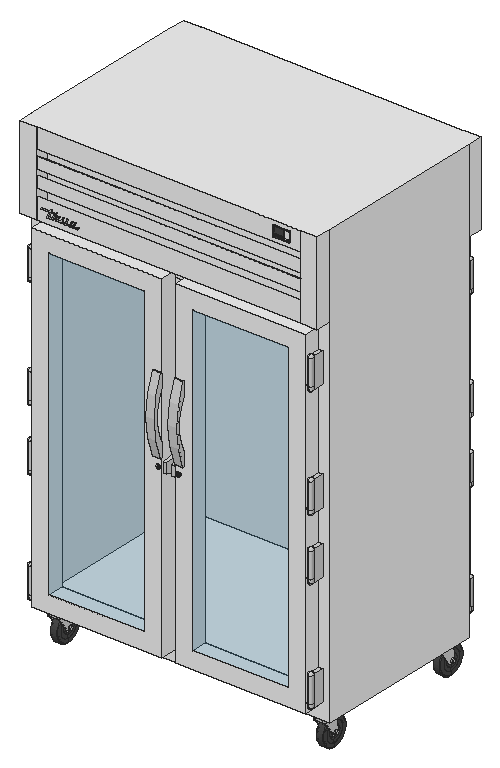
Revit family
Parameters
  Weight in Pounds = 0
  Watts = 3000 W
  Volts = 208 V
  URL Cutsheet = "www.truemfg.com"
  URL = "www.truemfg.com"
  Type Mark [instance] = ""
  Type Comments = ""
  Status [instance] = ""
  Specification by User [instance] = ""
  Specification by Manufacturer = ""
  Show Seismic Flanged [instance] = no
  Show Logo [instance] = yes
  Show Legs [instance] = no
  Show Clearance [instance] = yes
  Serial Number = ""
  Seismic Rating = ""
  Seismic Plate [instance] = and(Show Seismic Flanged, not(Show Casters))  # no
  SMACNA No = ""
  Revision Code [instance] = ""
  Phase = 1
  Omniclass Number and Title = ""
  Number of Poles [instance] = 1
  NAFEM Spec ID Number = ""
  Model = "STR2HPT-2G-2S"
  Min Ckt Ampacity = 0 A
  Max Overcurrent Protection = 0 A
  Masterspec = ""
  Manufacturer = "TRUE FOOD SERVICE EQUIPMENT, INC."
  Length = 52 5/8"
  Legs [instance] = or(Show Legs, Show Seismic Flanged)  # no
  Item Number [instance] = ""
  Installed By [instance] = ""
  Identify Quantity as Lot [instance] = yes
  Height = 77 3/4"
  HP = ""
  Furnished By [instance] = ""
  Foodservice Equipment Identifier [instance] = yes
  FL Amps = Watts / Volts  # 14.4231 A
  Electrical Remarks [instance] = ""
  Electric Connection Type [instance] = ""
  Elec Conn RI Height [instance] = 0"
  Elec Conn Connection Height [instance] = 0"
  Description = "Pass-thru Glass Front/Solid Rear Swing Doors Heated Cabinet"
  Depth = 36 1/8"
  Cycle = 60 Hz
  Conn Plug = "6-15P"
  Conn Conduit = yes
  Show Casters [instance] = and(not(if(Show Legs, Show Legs, Show Legs)), not(if(Show Legs, Show Legs, Show Seismic Flanged)))  # yes
  CSI MasterFormat = ""
  CSI Master Format = ""
  Assembly Code = ""
  Apparent Power = if(Phase = 3, Volts * FL Amps * 1.73, Volts * FL Amps)  # 3000 VA
Reference planes (in)
  plane 1 "BACK": y = 0
  plane 2: z = 0
  plane 3 "LEFT": x = 0
  plane 4 "RIGHT": x = 52.625
  plane 5 "FRONT": y = -36.125
  plane 6 "TOP": z = 84.125
  plane 7: z = 6.125
  plane 8: x = 26.3125
  plane 9: x = 3
  plane 10: x = 49.9375
  plane 11: y = -36.0792
  plane 12: x = 26.3125
  plane 13: y = -0.0458
  plane 14: y = -18.0625
Forms (in)
  Extrusion 1, solid, material "QF_Finishes_Chrome - Satin"
    sketch origin (0.05, 0, 0) x (1, 0, 0) y (0, 1, 0)
      loop
        line (-0.05, -2.75) -> (-0.05, -33.375) -> (2.35625, -33.375) -> (2.35625, -2.75) -> (-0.05, -2.75)
    from 6.125 to 84.125
  Extrusion 2, solid, material "QF_Finishes_Chrome - Satin"
    sketch origin (50.15, 0, 0) x (1, 0, 0) y (0, 1, 0)
      loop
        line (0.225, -2.75) -> (0.225, -33.375) -> (2.475, -33.375) -> (2.475, -2.75) -> (0.225, -2.75)
    from 6.125 to 84.125
  Extrusion 3, solid, material "QF_Finishes_Chrome - Satin"
    sketch origin (0, 0, 0) x (0, 1, 0) y (0, 0, 1)
      loop
        line (-36.0792, 69.5) -> (-33.375, 69.5) -> (-33.375, 66.96875) -> (-2.75, 66.96875) -> (-2.75, 69.5) -> (-0.0458, 69.5) -> (-0.0458, 73.19226) -> (-2.25, 71.625) -> (-2.25, 72.90057) -> (-0.0458, 74.46784) -> (-0.0458, 76.56404) -> (-2.25, 74.99678) -> (-2.25, 75.95754) -> (-0.0458, 77.5248) -> (-0.0458, 79.65851) -> (-2.25, 78.09125) -> (-2.25, 79.21352) -> (-0.0458, 80.78078) -> (-0.0458, 84.125) -> (-36.0792, 84.125) -> (-36.0792, 80.78078) -> (-33.875, 79.21352) -> (-33.875, 78.09125) -> (-36.0792, 79.65851) -> (-36.0792, 77.5248) -> (-33.875, 75.95754) -> (-33.875, 74.99678) -> (-36.0792, 76.56404) -> (-36.0792, 74.46784) -> (-33.875, 72.90057) -> (-33.875, 71.625) -> (-36.0792, 73.19226) -> (-36.0792, 69.5)
      loop
        line (-33.375, 6.125) -> (-2.75, 6.125) -> (-2.75, 9.03125) -> (-33.375, 9.03125) -> (-33.375, 6.125)
    from 2.25 to 50.375
  Extrusion 4, solid, material "QF_Finishes_Chrome - Satin"
    sketch origin (0, 0, 0) x (1, 0, 0) y (0, 1, 0)
      loop
        line (52.54687, -33.375) -> (49.66032, -33.375) -> (49.66032, -36.125) -> (52.54687, -36.125) -> (52.54687, -33.375)
      loop
        line (52.54687, -2.75) -> (52.54687, 0) -> (49.66032, 0) -> (49.66032, -2.75) -> (52.54687, -2.75)
    from 69.5 to 84.125
  Extrusion 5, solid, material "QF_Finishes_Chrome - Satin"
    sketch origin (-50.125, 0, 0.25) x (1, 0, 0) y (0, 1, 0)
      loop
        line (53.20984, -33.375) -> (50.20312, -33.375) -> (50.20312, -36.125) -> (53.20984, -36.125) -> (53.20984, -33.375)
      loop
        line (53.20984, -2.75) -> (53.20984, 0) -> (50.20312, 0) -> (50.20312, -2.75) -> (53.20984, -2.75)
    from 69.25 to 83.875
  Extrusion 6, solid, material "QF_Finishes_Chrome - Satin"
    sketch origin (0, -2.375, -0.71875) x (1, 0, 0) y (0, 0, 1)
      loop
        line (2.25, 68.6875) -> (2.25, 8.75) -> (25.1875, 8.75) -> (25.1875, 68.6875) -> (2.25, 68.6875)
      loop
        line (50.53125, 68.6875) -> (27.59375, 68.6875) -> (27.59375, 8.75) -> (50.53125, 8.75) -> (50.53125, 68.6875)
      loop
        line (30.59375, 65.6875) -> (30.59375, 11.75) -> (47.53125, 11.75) -> (47.53125, 65.6875) -> (30.59375, 65.6875)
      loop
        line (5.25, 65.6875) -> (5.25, 11.75) -> (22.1875, 11.75) -> (22.1875, 65.6875) -> (5.25, 65.6875)
    from 31 to 33.75
  Extrusion 7, solid, material "QF_Finishes_Handrails and Railings"
    sketch origin (1.8125, -2.375, -2) x (1, 0, 0) y (0, 0, 1)
      loop
        circle (22.76563, 40.0625) r 0.35
      loop
        line (22.73047, 40.33635) -> (22.73047, 39.76895) -> (22.78597, 39.76895) -> (22.78597, 40.33635) -> (22.73047, 40.33635)
      loop
        circle (26.3125, 40.0625) r 0.35
      loop
        line (26.34765, 40.33635) -> (26.29215, 40.33635) -> (26.29215, 39.76895) -> (26.34765, 39.76895) -> (26.34765, 40.33635)
    from 33.5 to 33.83066
  Extrusion 8, solid, material "QF_Finishes_Handrails and Railings", visible <- "Show Logo"
    sketch origin (0.33478, -1.29327, -6.73143) x (1, 0, 0) y (0, 0, 1)
      loop
        line (3.61669, 78.46231) -> (3.51103, 78.23573) -> (4.91652, 78.23573)
        arc (4.91652, 78.23573) -> (4.94504, 78.18528) -> (4.91652, 78.13484) r 0.05887
        line (4.91652, 78.13484) -> (4.54994, 77.34872)
        arc (4.54994, 77.34872) -> (4.54676, 77.27591) -> (4.596, 77.22217) r 0.09523
        line (4.596, 77.22217) -> (5.49469, 77.22217)
        arc (5.49469, 77.22217) -> (5.60817, 77.25795) -> (5.68061, 77.35235) r 0.19785
        line (5.68061, 77.35235) -> (5.9691, 77.97101) -> (6.23415, 77.97101)
        arc (6.23415, 77.97101) -> (6.30369, 77.94543) -> (6.29362, 77.87203) r 0.05911
        line (6.29362, 77.87203) -> (6.05223, 77.35437)
        arc (6.05223, 77.35437) -> (6.05599, 77.2684) -> (6.12856, 77.22217) r 0.09318
        line (6.12856, 77.22217) -> (6.91823, 77.22217)
        arc (6.91823, 77.22217) -> (6.97874, 77.24419) -> (7.01093, 77.29995) r 0.09412
        arc (7.01093, 77.29995) -> (7.03371, 77.24495) -> (7.08871, 77.22217) r 0.07778
        line (7.08871, 77.22217) -> (7.58871, 77.22217)
        arc (7.58871, 77.22217) -> (7.64647, 77.23765) -> (7.68876, 77.27993) r 0.11552
        arc (7.68876, 77.27993) -> (7.709, 77.23106) -> (7.75787, 77.21081) r 0.06912
        line (7.75787, 77.21081) -> (8.4685, 77.21081)
        arc (8.4685, 77.21081) -> (8.52659, 77.23488) -> (8.55066, 77.29297) r 0.08216
        arc (8.55066, 77.29297) -> (8.60392, 77.23972) -> (8.67667, 77.22022) r 0.14551
        line (8.67667, 77.22022) -> (10.00783, 77.22022) -> (10.15571, 77.47634) -> (8.81303, 77.47634)
        arc (8.81303, 77.47634) -> (8.77597, 77.50204) -> (8.77459, 77.54711) r 0.05009
        line (8.77459, 77.54711) -> (8.79782, 77.59692)
        arc (8.79782, 77.59692) -> (8.83348, 77.64364) -> (8.88952, 77.66135) r 0.09747
        line (8.88952, 77.66135) -> (9.3211, 77.66135)
        arc (9.3211, 77.66135) -> (9.41425, 77.68631) -> (9.48244, 77.7545) r 0.1863
        line (9.48244, 77.7545) -> (9.60744, 77.97101)
        arc (9.60744, 77.97101) -> (9.60744, 78.08657) -> (9.50736, 78.14434) r 0.11556
        line (9.50736, 78.14434) -> (9.05187, 78.14434)
        arc (9.05187, 78.14434) -> (8.93575, 78.12462) -> (8.85474, 78.03912) r 0.18605
        line (8.85474, 78.03912) -> (8.63829, 77.57493)
        arc (8.63829, 77.57493) -> (8.5744, 77.49167) -> (8.47431, 77.46011) r 0.1745
        line (8.47431, 77.46011) -> (8.00184, 77.46011)
        arc (8.00184, 77.46011) -> (7.94528, 77.52184) -> (7.94893, 77.60548) r 0.10939
        line (7.94893, 77.60548) -> (8.2002, 78.14434) -> (8.04028, 78.14434) -> (7.77406, 77.57344)
        arc (7.77406, 77.57344) -> (7.72234, 77.50603) -> (7.6413, 77.48048) r 0.14128
        line (7.6413, 77.48048) -> (7.3155, 77.48048)
        arc (7.3155, 77.48048) -> (7.26044, 77.55223) -> (7.27225, 77.64189) r 0.11816
        line (7.27225, 77.64189) -> (7.50655, 78.14434) -> (7.34139, 78.14434) -> (7.07171, 77.566)
        arc (7.07171, 77.566) -> (7.0091, 77.50339) -> (6.92358, 77.48048) r 0.17104
        line (6.92358, 77.48048) -> (6.4518, 77.48048)
        arc (6.4518, 77.48048) -> (6.36707, 77.51999) -> (6.35892, 77.61313) r 0.0935
        line (6.35892, 77.61313) -> (6.51399, 77.94569) -> (6.7332, 77.94569)
        arc (6.7332, 77.94569) -> (6.7702, 78.05717) -> (6.84892, 78.14434) r 0.2857
        line (6.84892, 78.14434) -> (5.9923, 78.14434)
        arc (5.9923, 78.14434) -> (5.89711, 78.12324) -> (5.83123, 78.05135) r 0.16212
        line (5.83123, 78.05135) -> (5.59904, 77.55341)
        arc (5.59904, 77.55341) -> (5.54565, 77.50002) -> (5.47272, 77.48048) r 0.14586
        line (5.47272, 77.48048) -> (4.96131, 77.48048)
        arc (4.96131, 77.48048) -> (4.92139, 77.53442) -> (4.92899, 77.60109) r 0.09155
        line (4.92899, 77.60109) -> (5.26643, 78.23573) -> (6.1178, 78.23573) -> (6.22346, 78.46231) -> (5.37209, 78.46231) -> (5.47774, 78.68888) -> (5.17487, 78.68888) -> (5.06922, 78.46231) -> (3.61669, 78.46231)
      loop
        arc (8.9943, 77.93863) -> (8.95744, 77.92875) -> (8.93045, 77.90176) r 0.07373
        line (8.93045, 77.90176) -> (8.90854, 77.83436)
        arc (8.90854, 77.83436) -> (8.9187, 77.80983) -> (8.94324, 77.79966) r 0.0347
        line (8.94324, 77.79966) -> (9.31573, 77.79966)
        arc (9.31573, 77.79966) -> (9.34257, 77.80561) -> (9.36437, 77.82234) r 0.0635
        line (9.36437, 77.82234) -> (9.38249, 77.90622)
        arc (9.38249, 77.90622) -> (9.37716, 77.92868) -> (9.35634, 77.93863) r 0.02676
        line (9.35634, 77.93863) -> (8.9943, 77.93863)
    from 34.76797 to 34.83173
  Extrusion 9, solid
    sketch origin (0, 0, 0) x (1, 0, 0) y (0, 0, 1)
      loop
        circle (49.53125, 82) r 0.25
    from 0 to 0.0625
  Extrusion 10, solid, material "QF_Finishes_Handrails and Railings"
    sketch origin (36.06481, -0.25, 93.43167) x (0, 1, 0) y (0, 0, -1)
      loop
        line (-35.875, 53.875) -> (-36.075, 53.875)
        arc (-36.075, 53.875) -> (-37.51905, 47.075) -> (-36.075, 40.275) r 16.7325
        line (-36.075, 40.275) -> (-35.875, 40.275) -> (-35.875, 42.675)
        arc (-35.875, 42.675) -> (-37.03316, 47.075) -> (-35.875, 51.475) r 8.93715
        line (-35.875, 51.475) -> (-35.875, 53.875)
    from 10.87731 to 12.37731
  Blend 11, solid, material "QF_Finishes_Handrails and Railings"
    base sketch origin (-0.14063, -2.375, 0) x (1, 0, 0) y (0, 0, 1)
      loop
        line (25.32813, 38.99169) -> (25.32813, 37.24169) -> (26.07813, 37.24169) -> (26.07813, 38.99169) -> (25.32813, 38.99169)
    top sketch origin (-0.14063, 0, 0) x (1, 0, 0) y (0, 0, 1)
      loop
        line (26.26036, 36.6441) -> (26.26036, 39.42643) -> (25.32813, 39.42643) -> (25.32813, 36.6441) -> (26.26036, 36.6441)
    from 33.57883 to 33.375
  Blend 12, solid, material "QF_Finishes_Handrails and Railings"
    base sketch origin (52.84375, -2.375, 0) x (-1, 0, 0) y (0, 0, -1)
      loop
        line (25.25, -38.99169) -> (26, -38.99169) -> (26, -37.24169) -> (25.25, -37.24169) -> (25.25, -38.99169)
    top sketch origin (52.84375, 0, 0) x (-1, 0, 0) y (0, 0, -1)
      loop
        line (26.18223, -36.6441) -> (25.25, -36.6441) -> (25.25, -39.42643) -> (26.18223, -39.42643) -> (26.18223, -36.6441)
    from 33.57883 to 33.375
  Extrusion 13, solid, material "QF_Finishes_Handrails and Railings"
    sketch origin (1.09375, 0, 0) x (0, 1, 0) y (0, 0, 1)
      loop
        line (-33.375, 64.55229) -> (-34.98544, 64.55229)
        arc (-34.98544, 64.55229) -> (-35.13006, 64.49238) -> (-35.18997, 64.34776) r 0.20453
        line (-35.18997, 64.34776) -> (-35.18997, 59.94848) -> (-35.625, 59.94848) -> (-35.625, 59.23627) -> (-33.375, 59.23627) -> (-33.375, 64.55229)
    from 0.17506 to 1
  Revolve 14, solid, material "QF_Finishes_Handrails and Railings"
    sketch origin (1.59375, 0, 0) x (0, 1, 0) y (0, 0, 1)
      loop
        line (-35.64063, 60.00189) -> (-35.64063, 64.81483)
        arc (-35.64063, 64.81483) -> (-35.91222, 64.72557) -> (-36.04729, 64.4736) r 0.3848
        line (-36.04729, 64.4736) -> (-36.04729, 60.00189) -> (-35.64063, 60.00189)
      loop
        line (-35.64063, 59.94848) -> (-36.04729, 59.94848) -> (-36.04729, 59.37712)
        arc (-36.04729, 59.37712) -> (-35.90764, 59.13383) -> (-35.64063, 59.04781) r 0.38884
        line (-35.64063, 59.04781) -> (-35.64063, 59.94848)
      axis (-35.64063, 59.04781) -> (-35.64063, 64.81483)
    angle from 0 to 360
  Extrusion 15, solid, material "QF_Finishes_Handrails and Railings"
    sketch origin (-0.21875, -2.375, 0) x (1, 0, 0) y (0, 0, 1)
      loop
        line (2.07116, 64.4736) -> (2.07116, 60.00079) -> (2.46875, 60.00079) -> (2.46875, 64.4736) -> (2.07116, 64.4736)
    from 32.81497 to 33.59495
  Extrusion 16, solid, material "QF_Finishes_Handrails and Railings"
    sketch origin (1.09375, 0, -19.5) x (0, 1, 0) y (0, 0, 1)
      loop
        line (-33.375, 64.55229) -> (-34.98544, 64.55229)
        arc (-34.98544, 64.55229) -> (-35.13006, 64.49238) -> (-35.18997, 64.34776) r 0.20453
        line (-35.18997, 64.34776) -> (-35.18997, 59.94848) -> (-35.625, 59.94848) -> (-35.625, 59.23627) -> (-33.375, 59.23627) -> (-33.375, 64.55229)
    from 0.17506 to 1
  Revolve 17, solid, material "QF_Finishes_Handrails and Railings"
    sketch origin (1.59375, 0, -19.5) x (0, 1, 0) y (0, 0, 1)
      loop
        line (-35.64063, 60.00189) -> (-35.64063, 64.81483)
        arc (-35.64063, 64.81483) -> (-35.91222, 64.72557) -> (-36.04729, 64.4736) r 0.3848
        line (-36.04729, 64.4736) -> (-36.04729, 60.00189) -> (-35.64063, 60.00189)
      loop
        line (-35.64063, 59.94848) -> (-36.04729, 59.94848) -> (-36.04729, 59.37712)
        arc (-36.04729, 59.37712) -> (-35.90764, 59.13383) -> (-35.64063, 59.04781) r 0.38884
        line (-35.64063, 59.04781) -> (-35.64063, 59.94848)
      axis (-35.64063, 59.04781) -> (-35.64063, 64.81483)
    angle from 0 to 360
  Extrusion 18, solid, material "QF_Finishes_Handrails and Railings"
    sketch origin (-0.21875, -2.375, -19.5) x (1, 0, 0) y (0, 0, 1)
      loop
        line (2.07116, 64.4736) -> (2.07116, 60.00079) -> (2.46875, 60.00079) -> (2.46875, 64.4736) -> (2.07116, 64.4736)
    from 32.81497 to 33.59495
  Extrusion 19, solid, material "QF_Finishes_Handrails and Railings"
    sketch origin (1.09375, 0, -30.5) x (0, 1, 0) y (0, 0, 1)
      loop
        line (-33.375, 64.55229) -> (-34.98544, 64.55229)
        arc (-34.98544, 64.55229) -> (-35.13006, 64.49238) -> (-35.18997, 64.34776) r 0.20453
        line (-35.18997, 64.34776) -> (-35.18997, 59.94848) -> (-35.625, 59.94848) -> (-35.625, 59.23627) -> (-33.375, 59.23627) -> (-33.375, 64.55229)
    from 0.17506 to 1
  Revolve 20, solid, material "QF_Finishes_Handrails and Railings"
    sketch origin (1.59375, 0, -30.5) x (0, 1, 0) y (0, 0, 1)
      loop
        line (-35.64063, 60.00189) -> (-35.64063, 64.81483)
        arc (-35.64063, 64.81483) -> (-35.91222, 64.72557) -> (-36.04729, 64.4736) r 0.3848
        line (-36.04729, 64.4736) -> (-36.04729, 60.00189) -> (-35.64063, 60.00189)
      loop
        line (-35.64063, 59.94848) -> (-36.04729, 59.94848) -> (-36.04729, 59.37712)
        arc (-36.04729, 59.37712) -> (-35.90764, 59.13383) -> (-35.64063, 59.04781) r 0.38884
        line (-35.64063, 59.04781) -> (-35.64063, 59.94848)
      axis (-35.64063, 59.04781) -> (-35.64063, 64.81483)
    angle from 0 to 360
  Extrusion 21, solid, material "QF_Finishes_Handrails and Railings"
    sketch origin (-0.21875, -2.375, -30.5) x (1, 0, 0) y (0, 0, 1)
      loop
        line (2.07116, 64.4736) -> (2.07116, 60.00079) -> (2.46875, 60.00079) -> (2.46875, 64.4736) -> (2.07116, 64.4736)
    from 32.81497 to 33.59495
  Extrusion 22, solid, material "QF_Finishes_Handrails and Railings"
    sketch origin (1.09375, 0, -50.25) x (0, 1, 0) y (0, 0, 1)
      loop
        line (-33.375, 64.55229) -> (-34.98544, 64.55229)
        arc (-34.98544, 64.55229) -> (-35.13006, 64.49238) -> (-35.18997, 64.34776) r 0.20453
        line (-35.18997, 64.34776) -> (-35.18997, 59.94848) -> (-35.625, 59.94848) -> (-35.625, 59.23627) -> (-33.375, 59.23627) -> (-33.375, 64.55229)
    from 0.17506 to 1
  Revolve 23, solid, material "QF_Finishes_Handrails and Railings"
    sketch origin (1.59375, 0, -50.25) x (0, 1, 0) y (0, 0, 1)
      loop
        line (-35.64063, 60.00189) -> (-35.64063, 64.81483)
        arc (-35.64063, 64.81483) -> (-35.91222, 64.72557) -> (-36.04729, 64.4736) r 0.3848
        line (-36.04729, 64.4736) -> (-36.04729, 60.00189) -> (-35.64063, 60.00189)
      loop
        line (-35.64063, 59.94848) -> (-36.04729, 59.94848) -> (-36.04729, 59.37712)
        arc (-36.04729, 59.37712) -> (-35.90764, 59.13383) -> (-35.64063, 59.04781) r 0.38884
        line (-35.64063, 59.04781) -> (-35.64063, 59.94848)
      axis (-35.64063, 59.04781) -> (-35.64063, 64.81483)
    angle from 0 to 360
  Extrusion 24, solid, material "QF_Finishes_Handrails and Railings"
    sketch origin (-0.21875, -2.375, -50.25) x (1, 0, 0) y (0, 0, 1)
      loop
        line (2.07116, 64.4736) -> (2.07116, 60.00079) -> (2.46875, 60.00079) -> (2.46875, 64.4736) -> (2.07116, 64.4736)
    from 32.81497 to 33.59495
  Extrusion 25, solid, material "QF_Finishes_Handrails and Railings"
    sketch origin (51.53125, 0, 0) x (0, 1, 0) y (0, 0, -1)
      loop
        line (-33.375, -64.55229) -> (-33.375, -59.23627) -> (-35.625, -59.23627) -> (-35.625, -59.94848) -> (-35.18997, -59.94848) -> (-35.18997, -64.34776)
        arc (-35.18997, -64.34776) -> (-35.13006, -64.49238) -> (-34.98544, -64.55229) r 0.20453
        line (-34.98544, -64.55229) -> (-33.375, -64.55229)
    from 0.17506 to 1
  Revolve 26, solid, material "QF_Finishes_Handrails and Railings"
    sketch origin (51.03125, 0, 0) x (0, 1, 0) y (0, 0, -1)
      loop
        line (-35.64063, -60.00189) -> (-36.04729, -60.00189) -> (-36.04729, -64.4736)
        arc (-36.04729, -64.4736) -> (-35.91222, -64.72557) -> (-35.64063, -64.81483) r 0.3848
        line (-35.64063, -64.81483) -> (-35.64063, -60.00189)
      loop
        line (-35.64063, -59.94848) -> (-35.64063, -59.04781)
        arc (-35.64063, -59.04781) -> (-35.90764, -59.13383) -> (-36.04729, -59.37712) r 0.38884
        line (-36.04729, -59.37712) -> (-36.04729, -59.94848) -> (-35.64063, -59.94848)
      axis (-35.64063, -59.04781) -> (-35.64063, -64.81483)
    angle from 0 to 360
  Extrusion 27, solid, material "QF_Finishes_Handrails and Railings"
    sketch origin (52.84375, -2.375, 0) x (-1, 0, 0) y (0, 0, -1)
      loop
        line (1.75866, -64.4736) -> (2.15625, -64.4736) -> (2.15625, -60.00079) -> (1.75866, -60.00079) -> (1.75866, -64.4736)
    from 32.81497 to 33.59495
  Extrusion 28, solid, material "QF_Finishes_Handrails and Railings"
    sketch origin (51.53125, 0, -19.5) x (0, 1, 0) y (0, 0, -1)
      loop
        line (-33.375, -64.55229) -> (-33.375, -59.23627) -> (-35.625, -59.23627) -> (-35.625, -59.94848) -> (-35.18997, -59.94848) -> (-35.18997, -64.34776)
        arc (-35.18997, -64.34776) -> (-35.13006, -64.49238) -> (-34.98544, -64.55229) r 0.20453
        line (-34.98544, -64.55229) -> (-33.375, -64.55229)
    from 0.17506 to 1
  Revolve 29, solid, material "QF_Finishes_Handrails and Railings"
    sketch origin (51.03125, 0, -19.5) x (0, 1, 0) y (0, 0, -1)
      loop
        line (-35.64063, -60.00189) -> (-36.04729, -60.00189) -> (-36.04729, -64.4736)
        arc (-36.04729, -64.4736) -> (-35.91222, -64.72557) -> (-35.64063, -64.81483) r 0.3848
        line (-35.64063, -64.81483) -> (-35.64063, -60.00189)
      loop
        line (-35.64063, -59.94848) -> (-35.64063, -59.04781)
        arc (-35.64063, -59.04781) -> (-35.90764, -59.13383) -> (-36.04729, -59.37712) r 0.38884
        line (-36.04729, -59.37712) -> (-36.04729, -59.94848) -> (-35.64063, -59.94848)
      axis (-35.64063, -59.04781) -> (-35.64063, -64.81483)
    angle from 0 to 360
  Extrusion 30, solid, material "QF_Finishes_Handrails and Railings"
    sketch origin (52.84375, -2.375, -19.5) x (-1, 0, 0) y (0, 0, -1)
      loop
        line (1.75866, -64.4736) -> (2.15625, -64.4736) -> (2.15625, -60.00079) -> (1.75866, -60.00079) -> (1.75866, -64.4736)
    from 32.81497 to 33.59495
  Extrusion 31, solid, material "QF_Finishes_Handrails and Railings"
    sketch origin (51.53125, 0, -30.5) x (0, 1, 0) y (0, 0, -1)
      loop
        line (-33.375, -64.55229) -> (-33.375, -59.23627) -> (-35.625, -59.23627) -> (-35.625, -59.94848) -> (-35.18997, -59.94848) -> (-35.18997, -64.34776)
        arc (-35.18997, -64.34776) -> (-35.13006, -64.49238) -> (-34.98544, -64.55229) r 0.20453
        line (-34.98544, -64.55229) -> (-33.375, -64.55229)
    from 0.17506 to 1
  Revolve 32, solid, material "QF_Finishes_Handrails and Railings"
    sketch origin (51.03125, 0, -30.5) x (0, 1, 0) y (0, 0, -1)
      loop
        line (-35.64063, -60.00189) -> (-36.04729, -60.00189) -> (-36.04729, -64.4736)
        arc (-36.04729, -64.4736) -> (-35.91222, -64.72557) -> (-35.64063, -64.81483) r 0.3848
        line (-35.64063, -64.81483) -> (-35.64063, -60.00189)
      loop
        line (-35.64063, -59.94848) -> (-35.64063, -59.04781)
        arc (-35.64063, -59.04781) -> (-35.90764, -59.13383) -> (-36.04729, -59.37712) r 0.38884
        line (-36.04729, -59.37712) -> (-36.04729, -59.94848) -> (-35.64063, -59.94848)
      axis (-35.64063, -59.04781) -> (-35.64063, -64.81483)
    angle from 0 to 360
  Extrusion 33, solid, material "QF_Finishes_Handrails and Railings"
    sketch origin (52.84375, -2.375, -30.5) x (-1, 0, 0) y (0, 0, -1)
      loop
        line (1.75866, -64.4736) -> (2.15625, -64.4736) -> (2.15625, -60.00079) -> (1.75866, -60.00079) -> (1.75866, -64.4736)
    from 32.81497 to 33.59495
  Extrusion 34, solid, material "QF_Finishes_Handrails and Railings"
    sketch origin (51.53125, 0, -50.25) x (0, 1, 0) y (0, 0, -1)
      loop
        line (-33.375, -64.55229) -> (-33.375, -59.23627) -> (-35.625, -59.23627) -> (-35.625, -59.94848) -> (-35.18997, -59.94848) -> (-35.18997, -64.34776)
        arc (-35.18997, -64.34776) -> (-35.13006, -64.49238) -> (-34.98544, -64.55229) r 0.20453
        line (-34.98544, -64.55229) -> (-33.375, -64.55229)
    from 0.17506 to 1
  Revolve 35, solid, material "QF_Finishes_Handrails and Railings"
    sketch origin (51.03125, 0, -50.25) x (0, 1, 0) y (0, 0, -1)
      loop
        line (-35.64063, -60.00189) -> (-36.04729, -60.00189) -> (-36.04729, -64.4736)
        arc (-36.04729, -64.4736) -> (-35.91222, -64.72557) -> (-35.64063, -64.81483) r 0.3848
        line (-35.64063, -64.81483) -> (-35.64063, -60.00189)
      loop
        line (-35.64063, -59.94848) -> (-35.64063, -59.04781)
        arc (-35.64063, -59.04781) -> (-35.90764, -59.13383) -> (-36.04729, -59.37712) r 0.38884
        line (-36.04729, -59.37712) -> (-36.04729, -59.94848) -> (-35.64063, -59.94848)
      axis (-35.64063, -59.04781) -> (-35.64063, -64.81483)
    angle from 0 to 360
  Extrusion 36, solid, material "QF_Finishes_Handrails and Railings"
    sketch origin (52.84375, -2.375, -50.25) x (-1, 0, 0) y (0, 0, -1)
      loop
        line (1.75866, -64.4736) -> (2.15625, -64.4736) -> (2.15625, -60.00079) -> (1.75866, -60.00079) -> (1.75866, -64.4736)
    from 32.81497 to 33.59495
  Revolve 37, solid, material "QF_Finishes_Black", visible <- "Show Casters"
    sketch origin (47.78125, -29.75, 0) x (1, 0, 0) y (0, 0, 1)
      loop
        line (1.63125, 5) -> (1.53125, 4.9) -> (1.53125, 4.29941) -> (1.69226, 4.29941) -> (1.69226, 3.54941) -> (1.53125, 3.54941) -> (1.53125, 2.79941) -> (1.13125, 2.79941) -> (1.13125, 2.5) -> (3.18125, 2.5) -> (3.18125, 2.79941) -> (2.78533, 2.79941) -> (2.78533, 3.54941) -> (2.62024, 3.54941) -> (2.62024, 4.29941) -> (2.78533, 4.29941) -> (2.78533, 4.89592) -> (2.68125, 5) -> (1.63125, 5)
      axis (3.18125, 2.5) -> (1.13125, 2.5)
    angle from 0 to 360
  Extrusion 38, solid, material "QF_Finishes_Handrails and Railings", visible <- "Show Casters"
    sketch origin (47.78125, 0, 0) x (0, 1, 0) y (0, 0, 1)
      loop
        line (-32.32636, 5.48574) -> (-32.32636, 4.88089) -> (-32.07636, 4.88089) -> (-30.32716, 2.18736)
        arc (-30.32716, 2.18736) -> (-29.61383, 1.94868) -> (-29.22081, 2.59003) r 0.60416
        line (-29.22081, 2.59003) -> (-29.57636, 5.48574) -> (-32.32636, 5.48574)
      loop
        line (-6.6077, 5.48574) -> (-6.6077, 4.88089) -> (-6.3577, 4.88089) -> (-4.6085, 2.18736)
        arc (-4.6085, 2.18736) -> (-3.89517, 1.94868) -> (-3.50215, 2.59003) r 0.60416
        line (-3.50215, 2.59003) -> (-3.8577, 5.48574) -> (-6.6077, 5.48574)
    from 1.175 to 1.325
  Extrusion 39, solid, material "QF_Finishes_Handrails and Railings", visible <- "Show Casters"
    sketch origin (49.28125, 0, 0) x (0, 1, 0) y (0, 0, 1)
      loop
        line (-32.32636, 5.48574) -> (-32.32636, 4.88089) -> (-32.07636, 4.88089) -> (-30.32716, 2.18736)
        arc (-30.32716, 2.18736) -> (-29.61383, 1.94868) -> (-29.22081, 2.59003) r 0.60416
        line (-29.22081, 2.59003) -> (-29.57636, 5.48574) -> (-32.32636, 5.48574)
      loop
        line (-6.6077, 5.48574) -> (-6.6077, 4.88089) -> (-6.3577, 4.88089) -> (-4.6085, 2.18736)
        arc (-4.6085, 2.18736) -> (-3.89517, 1.94868) -> (-3.50215, 2.59003) r 0.60416
        line (-3.50215, 2.59003) -> (-3.8577, 5.48574) -> (-6.6077, 5.48574)
    from 1.175 to 1.325
  Revolve 40, solid, material "QF_Finishes_Chrome - Satin", visible <- "Show Casters"
    sketch origin (47.78125, -30.9375, -0.5) x (1, 0, 0) y (0, 0, 1)
      loop
        line (2.15625, 5.99546) -> (2.15625, 6.62359) -> (0.85918, 6.62359) -> (0.85918, 5.99546) -> (2.15625, 5.99546)
      axis (2.15625, 5.99546) -> (2.15625, 6.62359)
    angle from 0 to 360
  Revolve 41, solid, material "QF_Finishes_Chrome - Satin", visible <- "Legs"
    sketch origin (47.78125, -5.44102, 0) x (1, 0, 0) y (0, 0, 1)
      loop
        line (2.15625, 6.125) -> (0.82287, 6.125) -> (1.40625, 1) -> (1.65625, 1) -> (1.65625, 0) -> (2.15625, 0) -> (2.15625, 6.125)
      axis (2.15625, 0) -> (2.15625, 6.125)
    angle from 0 to 360
  Revolve 42, solid, material "QF_Finishes_Chrome - Satin", visible <- "Legs"
    sketch origin (47.78125, -31.03477, 0) x (1, 0, 0) y (0, 0, 1)
      loop
        line (2.15625, 6.125) -> (0.82287, 6.125) -> (1.40625, 1) -> (1.65625, 1) -> (1.65625, 0) -> (2.15625, 0) -> (2.15625, 6.125)
      axis (2.15625, 0) -> (2.15625, 6.125)
    angle from 0 to 360
  Revolve 43, solid, material "QF_Finishes_Chrome - Satin", visible <- "Show Casters"
    sketch origin (47.78125, -5.45321, -0.5) x (1, 0, 0) y (0, 0, 1)
      loop
        line (2.15625, 5.99546) -> (2.15625, 6.62359) -> (0.85918, 6.62359) -> (0.85918, 5.99546) -> (2.15625, 5.99546)
      axis (2.15625, 5.99546) -> (2.15625, 6.62359)
    angle from 0 to 360
  Extrusion 44, solid, material "QF_Finishes_Handrails and Railings", visible <- "Show Casters"
    sketch origin (0, 0, 0) x (0, 1, 0) y (0, 0, 1)
      loop
        line (-32.32636, 5.48574) -> (-32.32636, 4.88089) -> (-32.07636, 4.88089) -> (-29.54033, 5.19227) -> (-29.57636, 5.48574) -> (-32.32636, 5.48574)
      loop
        line (-6.6077, 5.48574) -> (-6.6077, 4.88089) -> (-6.3577, 4.88089) -> (-3.82167, 5.19227) -> (-3.8577, 5.48574) -> (-6.6077, 5.48574)
    from 49.10625 to 50.45625
  Revolve 45, solid, material "QF_Finishes_Black", visible <- "Show Casters"
    sketch origin (47.78125, -3.96875, 0) x (1, 0, 0) y (0, 0, 1)
      loop
        line (1.63125, 5) -> (1.53125, 4.9) -> (1.53125, 4.29941) -> (1.69226, 4.29941) -> (1.69226, 3.54941) -> (1.53125, 3.54941) -> (1.53125, 2.79941) -> (1.13125, 2.79941) -> (1.13125, 2.5) -> (3.18125, 2.5) -> (3.18125, 2.79941) -> (2.78533, 2.79941) -> (2.78533, 3.54941) -> (2.62024, 3.54941) -> (2.62024, 4.29941) -> (2.78533, 4.29941) -> (2.78533, 4.89592) -> (2.68125, 5) -> (1.63125, 5)
      axis (3.18125, 2.5) -> (1.13125, 2.5)
    angle from 0 to 360
  Revolve 46, solid, material "QF_Finishes_Black", visible <- "Show Casters"
    sketch origin (0.84375, -29.75, 0) x (1, 0, 0) y (0, 0, 1)
      loop
        line (1.63125, 5) -> (1.53125, 4.9) -> (1.53125, 4.29941) -> (1.69226, 4.29941) -> (1.69226, 3.54941) -> (1.53125, 3.54941) -> (1.53125, 2.79941) -> (0.975, 2.79941) -> (0.975, 2.5) -> (3.18125, 2.5) -> (3.18125, 2.79941) -> (2.78533, 2.79941) -> (2.78533, 3.54941) -> (2.62024, 3.54941) -> (2.62024, 4.29941) -> (2.78533, 4.29941) -> (2.78533, 4.89592) -> (2.68125, 5) -> (1.63125, 5)
      axis (3.18125, 2.5) -> (0.975, 2.5)
    angle from 0 to 360
  Extrusion 47, solid, material "QF_Finishes_Handrails and Railings", visible <- "Show Casters"
    sketch origin (0.84375, 0, 0) x (0, 1, 0) y (0, 0, 1)
      loop
        line (-32.32636, 5.48574) -> (-32.32636, 4.88089) -> (-32.07636, 4.88089) -> (-30.32716, 2.18736)
        arc (-30.32716, 2.18736) -> (-29.61383, 1.94868) -> (-29.22081, 2.59003) r 0.60416
        line (-29.22081, 2.59003) -> (-29.57636, 5.48574) -> (-32.32636, 5.48574)
      loop
        line (-6.6077, 5.48574) -> (-6.6077, 4.88089) -> (-6.3577, 4.88089) -> (-4.6085, 2.18736)
        arc (-4.6085, 2.18736) -> (-3.89517, 1.94868) -> (-3.50215, 2.59003) r 0.60416
        line (-3.50215, 2.59003) -> (-3.8577, 5.48574) -> (-6.6077, 5.48574)
    from 1.175 to 1.325
  Extrusion 48, solid, material "QF_Finishes_Handrails and Railings", visible <- "Show Casters"
    sketch origin (2.34375, 0, 0) x (0, 1, 0) y (0, 0, 1)
      loop
        line (-32.32636, 5.48574) -> (-32.32636, 4.88089) -> (-32.07636, 4.88089) -> (-30.32716, 2.18736)
        arc (-30.32716, 2.18736) -> (-29.61383, 1.94868) -> (-29.22081, 2.59003) r 0.60416
        line (-29.22081, 2.59003) -> (-29.57636, 5.48574) -> (-32.32636, 5.48574)
      loop
        line (-6.6077, 5.48574) -> (-6.6077, 4.88089) -> (-6.3577, 4.88089) -> (-4.6085, 2.18736)
        arc (-4.6085, 2.18736) -> (-3.89517, 1.94868) -> (-3.50215, 2.59003) r 0.60416
        line (-3.50215, 2.59003) -> (-3.8577, 5.48574) -> (-6.6077, 5.48574)
    from 1.175 to 1.325
  Revolve 49, solid, material "QF_Finishes_Chrome - Satin", visible <- "Show Casters"
    sketch origin (0.84375, -30.9375, -0.5) x (1, 0, 0) y (0, 0, 1)
      loop
        line (2.15625, 5.99546) -> (2.15625, 6.62359) -> (0.85918, 6.62359) -> (0.85918, 5.99546) -> (2.15625, 5.99546)
      axis (2.15625, 5.99546) -> (2.15625, 6.62359)
    angle from 0 to 360
  Revolve 50, solid, material "QF_Finishes_Chrome - Satin", visible <- "Legs"
    sketch origin (0.84375, -5.44102, 0) x (1, 0, 0) y (0, 0, 1)
      loop
        line (2.15625, 6.125) -> (0.82287, 6.125) -> (1.40625, 1) -> (1.65625, 1) -> (1.65625, 0) -> (2.15625, 0) -> (2.15625, 6.125)
      axis (2.15625, 0) -> (2.15625, 6.125)
    angle from 0 to 360
  Revolve 51, solid, material "QF_Finishes_Chrome - Satin", visible <- "Legs"
    sketch origin (0.84375, -31.03477, 0) x (1, 0, 0) y (0, 0, 1)
      loop
        line (2.15625, 6.125) -> (0.82287, 6.125) -> (1.40625, 1) -> (1.65625, 1) -> (1.65625, 0) -> (2.15625, 0) -> (2.15625, 6.125)
      axis (2.15625, 0) -> (2.15625, 6.125)
    angle from 0 to 360
  Revolve 52, solid, material "QF_Finishes_Chrome - Satin", visible <- "Show Casters"
    sketch origin (0.84375, -5.45321, -0.5) x (1, 0, 0) y (0, 0, 1)
      loop
        line (2.15625, 5.99546) -> (2.15625, 6.62359) -> (0.85918, 6.62359) -> (0.85918, 5.99546) -> (2.15625, 5.99546)
      axis (2.15625, 5.99546) -> (2.15625, 6.62359)
    angle from 0 to 360
  Extrusion 53, solid, material "QF_Finishes_Handrails and Railings", visible <- "Show Casters"
    sketch origin (-46.9375, 0, 0) x (0, 1, 0) y (0, 0, 1)
      loop
        line (-32.32636, 5.48574) -> (-32.32636, 4.88089) -> (-32.07636, 4.88089) -> (-29.54033, 5.19227) -> (-29.57636, 5.48574) -> (-32.32636, 5.48574)
      loop
        line (-6.6077, 5.48574) -> (-6.6077, 4.88089) -> (-6.3577, 4.88089) -> (-3.82167, 5.19227) -> (-3.8577, 5.48574) -> (-6.6077, 5.48574)
    from 49.10625 to 50.45625
  Revolve 54, solid, material "QF_Finishes_Black", visible <- "Show Casters"
    sketch origin (0.84375, -3.96875, 0) x (1, 0, 0) y (0, 0, 1)
      loop
        line (1.63125, 5) -> (1.53125, 4.9) -> (1.53125, 4.29941) -> (1.69226, 4.29941) -> (1.69226, 3.54941) -> (1.53125, 3.54941) -> (1.53125, 2.79941) -> (0.975, 2.79941) -> (0.975, 2.5) -> (3.18125, 2.5) -> (3.18125, 2.79941) -> (2.78533, 2.79941) -> (2.78533, 3.54941) -> (2.62024, 3.54941) -> (2.62024, 4.29941) -> (2.78533, 4.29941) -> (2.78533, 4.89592) -> (2.68125, 5) -> (1.63125, 5)
      axis (3.18125, 2.5) -> (0.975, 2.5)
    angle from 0 to 360
  Extrusion 55, solid, material "QF_Finishes_White"
    sketch origin (1.49925, -1.31123, 1.58022) x (1, 0, 0) y (0, 0, 1)
      loop
        line (43.31732, 81.73227) -> (43.31732, 79.98496) -> (46.22357, 79.98496) -> (46.22357, 81.73227) -> (43.31732, 81.73227)
    from 34.75 to 34.76797
  Extrusion 56, solid, material "QF_Finishes_Black"
    sketch origin (1.49925, -1.31123, 1.58022) x (1, 0, 0) y (0, 0, 1)
      loop
        line (46.28607, 81.79477) -> (43.25482, 81.79477) -> (43.25482, 79.92246) -> (46.28607, 79.92246) -> (46.28607, 81.79477)
      loop
        spline (43.45482, 80.25372) -> (43.46333, 80.23754) -> (43.48831, 80.22247) -> (43.52804, 80.20952) -> (43.57982, 80.19959) -> (43.64011, 80.19335) -> (43.70482, 80.19122) -> (43.76952, 80.19335) -> (43.82982, 80.19959) -> (43.88159, 80.20952) -> (43.92132, 80.22247) -> (43.9463, 80.23754) -> (43.95482, 80.25372)
        spline (43.95482, 80.25372) -> (43.9463, 80.26989) -> (43.92132, 80.28497) -> (43.88159, 80.29791) -> (43.82982, 80.30784) -> (43.76952, 80.31409) -> (43.70482, 80.31622) -> (43.64011, 80.31409) -> (43.57982, 80.30784) -> (43.52804, 80.29791) -> (43.48831, 80.28497) -> (43.46333, 80.26989) -> (43.45482, 80.25372)
      loop
        spline (44.15083, 80.25372) -> (44.15935, 80.23754) -> (44.18432, 80.22247) -> (44.22405, 80.20952) -> (44.27583, 80.19959) -> (44.33612, 80.19335) -> (44.40083, 80.19122) -> (44.46553, 80.19335) -> (44.52583, 80.19959) -> (44.57761, 80.20952) -> (44.61734, 80.22247) -> (44.64231, 80.23754) -> (44.65083, 80.25372)
        spline (44.65083, 80.25372) -> (44.64231, 80.26989) -> (44.61734, 80.28497) -> (44.57761, 80.29791) -> (44.52583, 80.30784) -> (44.46553, 80.31409) -> (44.40083, 80.31622) -> (44.33612, 80.31409) -> (44.27583, 80.30784) -> (44.22405, 80.29791) -> (44.18432, 80.28497) -> (44.15935, 80.26989) -> (44.15083, 80.25372)
      loop
        spline (44.90083, 80.25372) -> (44.90935, 80.23754) -> (44.93432, 80.22247) -> (44.97405, 80.20952) -> (45.02583, 80.19959) -> (45.08612, 80.19335) -> (45.15083, 80.19122) -> (45.21553, 80.19335) -> (45.27583, 80.19959) -> (45.32761, 80.20952) -> (45.36734, 80.22247) -> (45.39231, 80.23754) -> (45.40083, 80.25372)
        spline (45.40083, 80.25372) -> (45.39231, 80.26989) -> (45.36734, 80.28497) -> (45.32761, 80.29791) -> (45.27583, 80.30784) -> (45.21553, 80.31409) -> (45.15083, 80.31622) -> (45.08612, 80.31409) -> (45.02583, 80.30784) -> (44.97405, 80.29791) -> (44.93432, 80.28497) -> (44.90935, 80.26989) -> (44.90083, 80.25372)
      loop
        line (43.45481, 81.59478) -> (43.45481, 80.59478) -> (45.15433, 80.59478) -> (45.15433, 81.59478) -> (43.45481, 81.59478)
      loop
        line (46.22357, 81.73227) -> (43.31732, 81.73227) -> (43.31732, 79.98496) -> (46.22357, 79.98496) -> (46.22357, 81.73227)
      loop
        spline (45.65083, 80.25372) -> (45.65935, 80.23754) -> (45.68432, 80.22247) -> (45.72405, 80.20952) -> (45.77583, 80.19959) -> (45.83612, 80.19335) -> (45.90083, 80.19122) -> (45.96553, 80.19335) -> (46.02583, 80.19959) -> (46.07761, 80.20952) -> (46.11734, 80.22247) -> (46.14231, 80.23754) -> (46.15083, 80.25372)
        spline (46.15083, 80.25372) -> (46.14231, 80.26989) -> (46.11734, 80.28497) -> (46.07761, 80.29791) -> (46.02583, 80.30784) -> (45.96553, 80.31409) -> (45.90083, 80.31622) -> (45.83612, 80.31409) -> (45.77583, 80.30784) -> (45.72405, 80.29791) -> (45.68432, 80.28497) -> (45.65935, 80.26989) -> (45.65083, 80.25372)
    from 34.76797 to 34.80335
  Extrusion 57, solid, material "QF_Finishes_Door Clearance", visible <- "Show Clearance", detail levels coarse
    sketch origin (0.66534, -3.6098, 0) x (-1, 0, 0) y (0, -1, 0)
      loop
        arc (-26.92841, 32.5152) -> (-33.64665, 48.73446) -> (-49.86591, 55.4527) r 22.9375
        line (-49.86591, 55.4527) -> (-49.86591, 32.5152) -> (-26.92841, 32.5152)
      loop
        line (-1.58466, 32.5152) -> (-1.58466, 55.4527)
        arc (-1.58466, 55.4527) -> (-17.80392, 48.73446) -> (-24.52216, 32.5152) r 22.9375
        line (-24.52216, 32.5152) -> (-1.58466, 32.5152)
    from 8.0288 to 67.96875
  Extrusion 58, solid, material "QF_Finishes_Chrome - Satin", visible <- "Seismic Plate"
    sketch origin (-0.22541, -26.96562, 0) x (1, 0, 0) y (0, 1, 0)
      loop
        circle (3.22541, -4.06916) r 1.5
    from 0 to 0.25
  Extrusion 59, solid, material "QF_Finishes_Chrome - Satin", visible <- "Seismic Plate"
    sketch origin (-0.22541, -3.74687, 0) x (1, 0, 0) y (0, 1, 0)
      loop
        circle (3.22541, -1.69416) r 1.5
    from 0 to 0.25
  Extrusion 60, solid, material "QF_Finishes_Chrome - Satin", visible <- "Seismic Plate"
    sketch origin (46.71209, -3.74687, 0) x (1, 0, 0) y (0, 1, 0)
      loop
        circle (3.22541, -1.69416) r 1.5
    from 0 to 0.25
  Extrusion 61, solid, material "QF_Finishes_Chrome - Satin", visible <- "Seismic Plate"
    sketch origin (46.71209, -26.96562, 0) x (1, 0, 0) y (0, 1, 0)
      loop
        circle (3.22541, -4.06916) r 1.5
    from 0 to 0.25
  Extrusion 62, solid, material "Glass"
    sketch origin (0, -2.375, -0.71875) x (1, 0, 0) y (0, 0, 1)
      loop
        line (5.25, 65.6875) -> (5.25, 11.75) -> (22.1875, 11.75) -> (22.1875, 65.6875) -> (5.25, 65.6875)
      loop
        line (30.59375, 65.6875) -> (30.59375, 11.75) -> (47.53125, 11.75) -> (47.53125, 65.6875) -> (30.59375, 65.6875)
    from 31 to 33.75
  Extrusion 63, solid, material "QF_Finishes_Handrails and Railings"
    sketch origin (39.96744, -0.25, 93.43167) x (0, 1, 0) y (0, 0, -1)
      loop
        line (-35.875, 53.875) -> (-36.075, 53.875)
        arc (-36.075, 53.875) -> (-37.51905, 47.075) -> (-36.075, 40.275) r 16.7325
        line (-36.075, 40.275) -> (-35.875, 40.275) -> (-35.875, 42.675)
        arc (-35.875, 42.675) -> (-37.03316, 47.075) -> (-35.875, 51.475) r 8.93715
        line (-35.875, 51.475) -> (-35.875, 53.875)
    from 10.87731 to 12.37731
  Extrusion 64, solid, material "QF_Finishes_Chrome - Satin"
    sketch origin (0, -33.75, -0.71875) x (1, 0, 0) y (0, 0, -1)
      loop
        line (2.25, -68.6875) -> (25.1875, -68.6875) -> (25.1875, -8.75) -> (2.25, -8.75) -> (2.25, -68.6875)
      loop
        line (50.53125, -68.6875) -> (50.53125, -8.75) -> (27.59375, -8.75) -> (27.59375, -68.6875) -> (50.53125, -68.6875)
    from 31 to 33.75
  Extrusion 65, solid, material "QF_Finishes_Handrails and Railings"
    sketch origin (1.8125, -33.75, -2) x (1, 0, 0) y (0, 0, -1)
      loop
        circle (22.76563, -40.0625) r 0.35
      loop
        line (22.73047, -40.33635) -> (22.78597, -40.33635) -> (22.78597, -39.76895) -> (22.73047, -39.76895) -> (22.73047, -40.33635)
      loop
        circle (26.3125, -40.0625) r 0.35
      loop
        line (26.34765, -40.33635) -> (26.34765, -39.76895) -> (26.29215, -39.76895) -> (26.29215, -40.33635) -> (26.34765, -40.33635)
    from 33.5 to 33.83066
  Blend 66, solid, material "QF_Finishes_Handrails and Railings"
    base sketch origin (-0.14063, -33.75, 0) x (1, 0, 0) y (0, 0, -1)
      loop
        line (25.32813, -38.99169) -> (26.07813, -38.99169) -> (26.07813, -37.24169) -> (25.32813, -37.24169) -> (25.32813, -38.99169)
    top sketch origin (-0.14063, -36.125, 0) x (1, 0, 0) y (0, 0, -1)
      loop
        line (26.26036, -36.6441) -> (25.32813, -36.6441) -> (25.32813, -39.42643) -> (26.26036, -39.42643) -> (26.26036, -36.6441)
    from 33.57883 to 33.375
  Blend 67, solid, material "QF_Finishes_Handrails and Railings"
    base sketch origin (52.84375, -33.75, 0) x (-1, 0, 0) y (0, 0, 1)
      loop
        line (25.25, 38.99169) -> (25.25, 37.24169) -> (26, 37.24169) -> (26, 38.99169) -> (25.25, 38.99169)
    top sketch origin (52.84375, -36.125, 0) x (-1, 0, 0) y (0, 0, 1)
      loop
        line (26.18223, 36.6441) -> (26.18223, 39.42643) -> (25.25, 39.42643) -> (25.25, 36.6441) -> (26.18223, 36.6441)
    from 33.57883 to 33.375
  Extrusion 68, solid, material "QF_Finishes_Handrails and Railings"
    sketch origin (1.09375, -36.125, 0) x (0, -1, 0) y (0, 0, -1)
      loop
        line (-33.375, -64.55229) -> (-33.375, -59.23627) -> (-35.625, -59.23627) -> (-35.625, -59.94848) -> (-35.18997, -59.94848) -> (-35.18997, -64.34776)
        arc (-35.18997, -64.34776) -> (-35.13006, -64.49238) -> (-34.98544, -64.55229) r 0.20453
        line (-34.98544, -64.55229) -> (-33.375, -64.55229)
    from 0.17506 to 1
  Revolve 69, solid, material "QF_Finishes_Handrails and Railings"
    sketch origin (1.59375, -36.125, 0) x (0, -1, 0) y (0, 0, -1)
      loop
        line (-35.64063, -60.00189) -> (-36.04729, -60.00189) -> (-36.04729, -64.4736)
        arc (-36.04729, -64.4736) -> (-35.91222, -64.72557) -> (-35.64063, -64.81483) r 0.3848
        line (-35.64063, -64.81483) -> (-35.64063, -60.00189)
      loop
        line (-35.64063, -59.94848) -> (-35.64063, -59.04781)
        arc (-35.64063, -59.04781) -> (-35.90764, -59.13383) -> (-36.04729, -59.37712) r 0.38884
        line (-36.04729, -59.37712) -> (-36.04729, -59.94848) -> (-35.64063, -59.94848)
      axis (-35.64063, -59.04781) -> (-35.64063, -64.81483)
    angle from 0 to 360
  Extrusion 70, solid, material "QF_Finishes_Handrails and Railings"
    sketch origin (-0.21875, -33.75, 0) x (1, 0, 0) y (0, 0, -1)
      loop
        line (2.07116, -64.4736) -> (2.46875, -64.4736) -> (2.46875, -60.00079) -> (2.07116, -60.00079) -> (2.07116, -64.4736)
    from 32.81497 to 33.59495
  Extrusion 71, solid, material "QF_Finishes_Handrails and Railings"
    sketch origin (1.09375, -36.125, -19.5) x (0, -1, 0) y (0, 0, -1)
      loop
        line (-33.375, -64.55229) -> (-33.375, -59.23627) -> (-35.625, -59.23627) -> (-35.625, -59.94848) -> (-35.18997, -59.94848) -> (-35.18997, -64.34776)
        arc (-35.18997, -64.34776) -> (-35.13006, -64.49238) -> (-34.98544, -64.55229) r 0.20453
        line (-34.98544, -64.55229) -> (-33.375, -64.55229)
    from 0.17506 to 1
  Revolve 72, solid, material "QF_Finishes_Handrails and Railings"
    sketch origin (1.59375, -36.125, -19.5) x (0, -1, 0) y (0, 0, -1)
      loop
        line (-35.64063, -60.00189) -> (-36.04729, -60.00189) -> (-36.04729, -64.4736)
        arc (-36.04729, -64.4736) -> (-35.91222, -64.72557) -> (-35.64063, -64.81483) r 0.3848
        line (-35.64063, -64.81483) -> (-35.64063, -60.00189)
      loop
        line (-35.64063, -59.94848) -> (-35.64063, -59.04781)
        arc (-35.64063, -59.04781) -> (-35.90764, -59.13383) -> (-36.04729, -59.37712) r 0.38884
        line (-36.04729, -59.37712) -> (-36.04729, -59.94848) -> (-35.64063, -59.94848)
      axis (-35.64063, -59.04781) -> (-35.64063, -64.81483)
    angle from 0 to 360
  Extrusion 73, solid, material "QF_Finishes_Handrails and Railings"
    sketch origin (-0.21875, -33.75, -19.5) x (1, 0, 0) y (0, 0, -1)
      loop
        line (2.07116, -64.4736) -> (2.46875, -64.4736) -> (2.46875, -60.00079) -> (2.07116, -60.00079) -> (2.07116, -64.4736)
    from 32.81497 to 33.59495
  Extrusion 74, solid, material "QF_Finishes_Handrails and Railings"
    sketch origin (1.09375, -36.125, -30.5) x (0, -1, 0) y (0, 0, -1)
      loop
        line (-33.375, -64.55229) -> (-33.375, -59.23627) -> (-35.625, -59.23627) -> (-35.625, -59.94848) -> (-35.18997, -59.94848) -> (-35.18997, -64.34776)
        arc (-35.18997, -64.34776) -> (-35.13006, -64.49238) -> (-34.98544, -64.55229) r 0.20453
        line (-34.98544, -64.55229) -> (-33.375, -64.55229)
    from 0.17506 to 1
  Revolve 75, solid, material "QF_Finishes_Handrails and Railings"
    sketch origin (1.59375, -36.125, -30.5) x (0, -1, 0) y (0, 0, -1)
      loop
        line (-35.64063, -60.00189) -> (-36.04729, -60.00189) -> (-36.04729, -64.4736)
        arc (-36.04729, -64.4736) -> (-35.91222, -64.72557) -> (-35.64063, -64.81483) r 0.3848
        line (-35.64063, -64.81483) -> (-35.64063, -60.00189)
      loop
        line (-35.64063, -59.94848) -> (-35.64063, -59.04781)
        arc (-35.64063, -59.04781) -> (-35.90764, -59.13383) -> (-36.04729, -59.37712) r 0.38884
        line (-36.04729, -59.37712) -> (-36.04729, -59.94848) -> (-35.64063, -59.94848)
      axis (-35.64063, -59.04781) -> (-35.64063, -64.81483)
    angle from 0 to 360
  Extrusion 76, solid, material "QF_Finishes_Handrails and Railings"
    sketch origin (-0.21875, -33.75, -30.5) x (1, 0, 0) y (0, 0, -1)
      loop
        line (2.07116, -64.4736) -> (2.46875, -64.4736) -> (2.46875, -60.00079) -> (2.07116, -60.00079) -> (2.07116, -64.4736)
    from 32.81497 to 33.59495
  Extrusion 77, solid, material "QF_Finishes_Handrails and Railings"
    sketch origin (1.09375, -36.125, -50.25) x (0, -1, 0) y (0, 0, -1)
      loop
        line (-33.375, -64.55229) -> (-33.375, -59.23627) -> (-35.625, -59.23627) -> (-35.625, -59.94848) -> (-35.18997, -59.94848) -> (-35.18997, -64.34776)
        arc (-35.18997, -64.34776) -> (-35.13006, -64.49238) -> (-34.98544, -64.55229) r 0.20453
        line (-34.98544, -64.55229) -> (-33.375, -64.55229)
    from 0.17506 to 1
  Revolve 78, solid, material "QF_Finishes_Handrails and Railings"
    sketch origin (1.59375, -36.125, -50.25) x (0, -1, 0) y (0, 0, -1)
      loop
        line (-35.64063, -60.00189) -> (-36.04729, -60.00189) -> (-36.04729, -64.4736)
        arc (-36.04729, -64.4736) -> (-35.91222, -64.72557) -> (-35.64063, -64.81483) r 0.3848
        line (-35.64063, -64.81483) -> (-35.64063, -60.00189)
      loop
        line (-35.64063, -59.94848) -> (-35.64063, -59.04781)
        arc (-35.64063, -59.04781) -> (-35.90764, -59.13383) -> (-36.04729, -59.37712) r 0.38884
        line (-36.04729, -59.37712) -> (-36.04729, -59.94848) -> (-35.64063, -59.94848)
      axis (-35.64063, -59.04781) -> (-35.64063, -64.81483)
    angle from 0 to 360
  Extrusion 79, solid, material "QF_Finishes_Handrails and Railings"
    sketch origin (-0.21875, -33.75, -50.25) x (1, 0, 0) y (0, 0, -1)
      loop
        line (2.07116, -64.4736) -> (2.46875, -64.4736) -> (2.46875, -60.00079) -> (2.07116, -60.00079) -> (2.07116, -64.4736)
    from 32.81497 to 33.59495
  Extrusion 80, solid, material "QF_Finishes_Handrails and Railings"
    sketch origin (51.53125, -36.125, 0) x (0, -1, 0) y (0, 0, 1)
      loop
        line (-33.375, 64.55229) -> (-34.98544, 64.55229)
        arc (-34.98544, 64.55229) -> (-35.13006, 64.49238) -> (-35.18997, 64.34776) r 0.20453
        line (-35.18997, 64.34776) -> (-35.18997, 59.94848) -> (-35.625, 59.94848) -> (-35.625, 59.23627) -> (-33.375, 59.23627) -> (-33.375, 64.55229)
    from 0.17506 to 1
  Revolve 81, solid, material "QF_Finishes_Handrails and Railings"
    sketch origin (51.03125, -36.125, 0) x (0, -1, 0) y (0, 0, 1)
      loop
        line (-35.64063, 60.00189) -> (-35.64063, 64.81483)
        arc (-35.64063, 64.81483) -> (-35.91222, 64.72557) -> (-36.04729, 64.4736) r 0.3848
        line (-36.04729, 64.4736) -> (-36.04729, 60.00189) -> (-35.64063, 60.00189)
      loop
        line (-35.64063, 59.94848) -> (-36.04729, 59.94848) -> (-36.04729, 59.37712)
        arc (-36.04729, 59.37712) -> (-35.90764, 59.13383) -> (-35.64063, 59.04781) r 0.38884
        line (-35.64063, 59.04781) -> (-35.64063, 59.94848)
      axis (-35.64063, 59.04781) -> (-35.64063, 64.81483)
    angle from 0 to 360
  Extrusion 82, solid, material "QF_Finishes_Handrails and Railings"
    sketch origin (52.84375, -33.75, 0) x (-1, 0, 0) y (0, 0, 1)
      loop
        line (1.75866, 64.4736) -> (1.75866, 60.00079) -> (2.15625, 60.00079) -> (2.15625, 64.4736) -> (1.75866, 64.4736)
    from 32.81497 to 33.59495
  Extrusion 83, solid, material "QF_Finishes_Handrails and Railings"
    sketch origin (51.53125, -36.125, -19.5) x (0, -1, 0) y (0, 0, 1)
      loop
        line (-33.375, 64.55229) -> (-34.98544, 64.55229)
        arc (-34.98544, 64.55229) -> (-35.13006, 64.49238) -> (-35.18997, 64.34776) r 0.20453
        line (-35.18997, 64.34776) -> (-35.18997, 59.94848) -> (-35.625, 59.94848) -> (-35.625, 59.23627) -> (-33.375, 59.23627) -> (-33.375, 64.55229)
    from 0.17506 to 1
  Revolve 84, solid, material "QF_Finishes_Handrails and Railings"
    sketch origin (51.03125, -36.125, -19.5) x (0, -1, 0) y (0, 0, 1)
      loop
        line (-35.64063, 60.00189) -> (-35.64063, 64.81483)
        arc (-35.64063, 64.81483) -> (-35.91222, 64.72557) -> (-36.04729, 64.4736) r 0.3848
        line (-36.04729, 64.4736) -> (-36.04729, 60.00189) -> (-35.64063, 60.00189)
      loop
        line (-35.64063, 59.94848) -> (-36.04729, 59.94848) -> (-36.04729, 59.37712)
        arc (-36.04729, 59.37712) -> (-35.90764, 59.13383) -> (-35.64063, 59.04781) r 0.38884
        line (-35.64063, 59.04781) -> (-35.64063, 59.94848)
      axis (-35.64063, 59.04781) -> (-35.64063, 64.81483)
    angle from 0 to 360
  Extrusion 85, solid, material "QF_Finishes_Handrails and Railings"
    sketch origin (52.84375, -33.75, -19.5) x (-1, 0, 0) y (0, 0, 1)
      loop
        line (1.75866, 64.4736) -> (1.75866, 60.00079) -> (2.15625, 60.00079) -> (2.15625, 64.4736) -> (1.75866, 64.4736)
    from 32.81497 to 33.59495
  Extrusion 86, solid, material "QF_Finishes_Handrails and Railings"
    sketch origin (51.53125, -36.125, -30.5) x (0, -1, 0) y (0, 0, 1)
      loop
        line (-33.375, 64.55229) -> (-34.98544, 64.55229)
        arc (-34.98544, 64.55229) -> (-35.13006, 64.49238) -> (-35.18997, 64.34776) r 0.20453
        line (-35.18997, 64.34776) -> (-35.18997, 59.94848) -> (-35.625, 59.94848) -> (-35.625, 59.23627) -> (-33.375, 59.23627) -> (-33.375, 64.55229)
    from 0.17506 to 1
  Revolve 87, solid, material "QF_Finishes_Handrails and Railings"
    sketch origin (51.03125, -36.125, -30.5) x (0, -1, 0) y (0, 0, 1)
      loop
        line (-35.64063, 60.00189) -> (-35.64063, 64.81483)
        arc (-35.64063, 64.81483) -> (-35.91222, 64.72557) -> (-36.04729, 64.4736) r 0.3848
        line (-36.04729, 64.4736) -> (-36.04729, 60.00189) -> (-35.64063, 60.00189)
      loop
        line (-35.64063, 59.94848) -> (-36.04729, 59.94848) -> (-36.04729, 59.37712)
        arc (-36.04729, 59.37712) -> (-35.90764, 59.13383) -> (-35.64063, 59.04781) r 0.38884
        line (-35.64063, 59.04781) -> (-35.64063, 59.94848)
      axis (-35.64063, 59.04781) -> (-35.64063, 64.81483)
    angle from 0 to 360
  Extrusion 88, solid, material "QF_Finishes_Handrails and Railings"
    sketch origin (52.84375, -33.75, -30.5) x (-1, 0, 0) y (0, 0, 1)
      loop
        line (1.75866, 64.4736) -> (1.75866, 60.00079) -> (2.15625, 60.00079) -> (2.15625, 64.4736) -> (1.75866, 64.4736)
    from 32.81497 to 33.59495
  Extrusion 89, solid, material "QF_Finishes_Handrails and Railings"
    sketch origin (51.53125, -36.125, -50.25) x (0, -1, 0) y (0, 0, 1)
      loop
        line (-33.375, 64.55229) -> (-34.98544, 64.55229)
        arc (-34.98544, 64.55229) -> (-35.13006, 64.49238) -> (-35.18997, 64.34776) r 0.20453
        line (-35.18997, 64.34776) -> (-35.18997, 59.94848) -> (-35.625, 59.94848) -> (-35.625, 59.23627) -> (-33.375, 59.23627) -> (-33.375, 64.55229)
    from 0.17506 to 1
  Revolve 90, solid, material "QF_Finishes_Handrails and Railings"
    sketch origin (51.03125, -36.125, -50.25) x (0, -1, 0) y (0, 0, 1)
      loop
        line (-35.64063, 60.00189) -> (-35.64063, 64.81483)
        arc (-35.64063, 64.81483) -> (-35.91222, 64.72557) -> (-36.04729, 64.4736) r 0.3848
        line (-36.04729, 64.4736) -> (-36.04729, 60.00189) -> (-35.64063, 60.00189)
      loop
        line (-35.64063, 59.94848) -> (-36.04729, 59.94848) -> (-36.04729, 59.37712)
        arc (-36.04729, 59.37712) -> (-35.90764, 59.13383) -> (-35.64063, 59.04781) r 0.38884
        line (-35.64063, 59.04781) -> (-35.64063, 59.94848)
      axis (-35.64063, 59.04781) -> (-35.64063, 64.81483)
    angle from 0 to 360
  Extrusion 91, solid, material "QF_Finishes_Handrails and Railings"
    sketch origin (52.84375, -33.75, -50.25) x (-1, 0, 0) y (0, 0, 1)
      loop
        line (1.75866, 64.4736) -> (1.75866, 60.00079) -> (2.15625, 60.00079) -> (2.15625, 64.4736) -> (1.75866, 64.4736)
    from 32.81497 to 33.59495
  Extrusion 92, solid, material "QF_Finishes_Handrails and Railings"
    sketch origin (86.1375, -35.875, 26.37269) x (0, -1, 0) y (1, 0, 0)
      loop
        line (-35.875, -53.875) -> (-35.875, -51.475)
        arc (-35.875, -51.475) -> (-37.03316, -47.075) -> (-35.875, -42.675) r 8.93715
        line (-35.875, -42.675) -> (-35.875, -40.275) -> (-36.075, -40.275)
        arc (-36.075, -40.275) -> (-37.51905, -47.075) -> (-36.075, -53.875) r 16.7325
        line (-36.075, -53.875) -> (-35.875, -53.875)
    from 10.87731 to 12.37731
  Extrusion 93, solid, material "QF_Finishes_Handrails and Railings"
    sketch origin (-33.43438, -35.875, 26.37269) x (0, -1, 0) y (1, 0, 0)
      loop
        line (-35.875, 53.875) -> (-36.075, 53.875)
        arc (-36.075, 53.875) -> (-37.48746, 47.15313) -> (-36.075, 40.43125) r 16.7009
        line (-36.075, 40.43125) -> (-35.875, 40.43125) -> (-35.875, 42.83125)
        arc (-35.875, 42.83125) -> (-36.99496, 47.15313) -> (-35.875, 51.475) r 8.89895
        line (-35.875, 51.475) -> (-35.875, 53.875)
    from 10.87731 to 12.37731
  Extrusion 94, solid, material "QF_Finishes_Chrome - Satin"
    sketch origin (0, -33.375, 9.03125) x (0, 1, 0) y (-1, 0, 0)
      loop
        line (0, -24.21875) -> (0, -28.25) -> (1, -28.25) -> (1, -24.21875) -> (0, -24.21875)
      loop
        line (30.625, -24.21875) -> (29.625, -24.21875) -> (29.625, -28.25) -> (30.625, -28.25) -> (30.625, -24.21875)
    from 0 to 57.9375
  Extrusion 95, solid, material "QF_Finishes_Door Clearance", visible <- "Show Clearance", detail levels coarse
    sketch origin (0.66534, -32.5152, 0) x (-1, 0, 0) y (0, -1, 0)
      loop
        line (-49.86591, -32.5152) -> (-49.86591, -55.4527)
        arc (-49.86591, -55.4527) -> (-33.64665, -48.73446) -> (-26.92841, -32.5152) r 22.9375
        line (-26.92841, -32.5152) -> (-49.86591, -32.5152)
      loop
        arc (-24.52216, -32.5152) -> (-17.80392, -48.73446) -> (-1.58466, -55.4527) r 22.9375
        line (-1.58466, -55.4527) -> (-1.58466, -32.5152) -> (-24.52216, -32.5152)
    from 8.0288 to 67.96875
Cuts and joins
  joined: Extrusion 1, Extrusion 2, Extrusion 3, Extrusion 4, Extrusion 5
